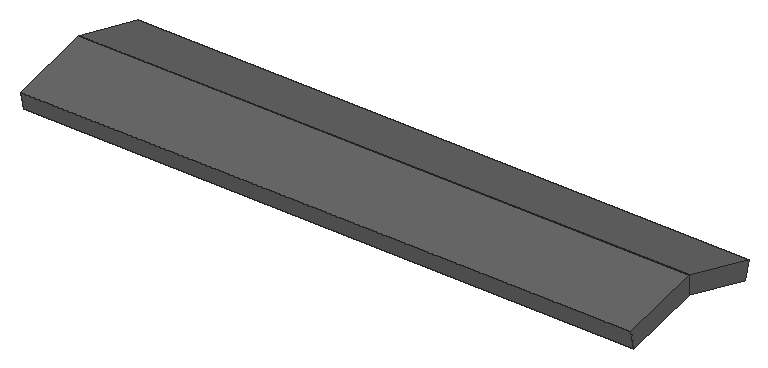
Revit family "NBS_TapcoRoofingProducts_DryFxngRdgs_RidgeMasterPlus", category Generic Models, Revit 2019
Family settings
  Can host rebar = No
  Round Connector Dimension = Use Diameter
  Part Type = Normal
  Cut with Voids When Loaded = No
  Shared = No
  Room Calculation Point = No
Parameters (values of type "RidgeMasterPlus")
  WarrantyStartDate [instance] = "1900-12-31T23:59:59"
  WarrantyGuarantorParts = "n/a"
  WarrantyGuarantorLabor = "n/a"
  WarrantyDurationUnit = "year"
  WarrantyDurationParts = "n/a"
  WarrantyDurationLabor = "n/a"
  WarrantyDescription = "40-years"
  Version = "1"  # constant formula
  Uniclass2015Version = "Products v1.20"
  Uniclass2015Title = "Dry fixing ridges"
  Uniclass2015Code = "Pr_35_90_93_29"
  ThermalTransmittance = 0
  TagNumber [instance] = "n/a"
  SustainabilityPerformance = "n/a"
  SurfaceSpreadOfFlame = "n/a"
  Status = "UNSET"
  Size = "1219 x 270 x 35 mm"
  Shape = "n/a"
  SerialNumber [instance] = "n/a"
  RidgeMaterial = NBS_TapcoRoofingProducts_Polypropylene_Black
  RidgeAngle [instance] = 14.00°
  Revision = "n/a"
  ReplacementCost = "n/a"
  Reference = "n/a"
  ProductInformation = "https://www.tapcoroofingproducts.com/product/ridgemaster/"
  PitchRange = "14° - 45°"
  NominalWidth = 270 mm
  NominalLength = 1219 mm
  NominalHeight = 35 mm
  Name = "DryFixingRidges_RidgeMasterPlus_TapcoRoofingProducts"
  NBSReference = "45-80-90/376"
  NBSDescription = "Dry fixing ridges"
  NBSCertification = "www.nationalbimlibrary.com/cert/gkjmcfqb"
  ModelReference = "RidgeMasterPlus"
  ModelNumber = "n/a"
  Material = "Polypropylene (PP) and Rubber"
  ManufacturerURL = "www.tapcoroofingproducts.com"
  ManufacturerName = "Tapco Roofing Products"  # constant formula
  Manufacturer = "international@tapcoint.com"
  built-in parameter 1001306 [instance] = 1220 mm
  IsExternal = yes
  InstallationDate [instance] = "1900-12-31T23:59:59"
  IfcExportType = "ROOFING"  # constant formula
  IfcExportAs = "IfcCoveringType"  # constant formula
  Grade = "n/a"
  FragilityRating = "n/a"
  Form = "n/a"
  FlammabilityRating = "n/a"
  FireRating = "n/a"
  Finish = "n/a"
  Features = "A patented added-pitch design reduces the visibility of the vent opening, patented internal baffle system engineered to keep blowing rain and snow from getting in, internal filter blocks out insects, leaves and other debris, easily adapts to a peak vent or flash vent, nailing supports and structural ribs make the Ridge Master Plus crushproof, self-aligning, interlocking ends make it easy to install correctly, built-in end caps adjust to the roof pitch while the ship-lap design allows for expansion and contraction as temperatures change, can be joined with Hip Master hip ventilation, 10 000 mm²/m ventilation provision to comply with building regulations for both warm and cold roofs"
  ExpectedLife = "50+ years"
  DurationUnit = "year"
  Description = "A dry-fix ridge ventilation system that fits underneath the TapcoSlate Classic Ridge/ Hip system"
  Constituents = "n/a"
  Combustible = yes
  Color = "Black"
  CodePerformance = "n/a"
  Category = "Pr_35_90_93_29:Dry fixing ridges"
  BarCode [instance] = "n/a"
  BIMObjectName = "NBS_TapcoRoofingProducts_DryFixingRidges_RidgeMasterPlus"
  Author = "NBS"  # constant formula
  AssetType = "Fixed"
  AssetIdentifier [instance] = "n/a"
  Applications = "Suitable for use with TapcoSlate Classic Ridge/ Hip system, for roof pitches 14 to 45 degrees"
  AcousticRating = "n/a"
  Accessories = "n/a"
  AccessibilityPerformance = "n/a"
Reference planes
  plane 1 "Center (Front/Back)": y = 0
  plane 2: z = 0
  plane 3 "Left": x = 0
  plane 4 "Right": x = 1220
  plane 5: z = 49.497
Forms (mm)
  Extrusion 1, solid, material "NBS_TapcoRoofingProducts_Polypropylene_Black" <- "RidgeMaterial"
    sketch origin (0, 0, 0) x (0, 1, 0) y (0, 0, 1)
      loop
        line (147.22, 12.792) -> (0, 49.497) -> (0, 13.426) -> (138.752, -21.169) -> (147.22, 12.792)
    from 0 to 1220
  Extrusion 2, solid, material "NBS_TapcoRoofingProducts_Polypropylene_Black" <- "RidgeMaterial"
    sketch origin (0, 0, 0) x (0, 1, 0) y (0, 0, 1)
      loop
        line (0, 49.497) -> (-147.22, 12.792) -> (-138.752, -21.169) -> (0, 13.426) -> (0, 49.497)
    from 0 to 1220
Lines and regions (mm)
  reference lines
    curve 1: line (0, 0, 0) -> (1220, 0, 0)
    curve 2: line (0, 0, 13.426) -> (0, -138.752, -21.169)
    curve 3: line (0, 0, 13.426) -> (0, 138.752, -21.169)
    curve 4: line (0, -138.752, -21.169) -> (0, -147.22, 12.792)
    curve 5: line (0, 138.752, -21.169) -> (0, 147.22, 12.792)
    curve 6: line (0, 147.22, 12.792) -> (0, 0, 49.497)
    curve 7: line (0, 0, 49.497) -> (0, -147.22, 12.792)
Dimensions and locks
  "built-in parameter 1001306": plane 3 "Left" to plane 4 "Right"
  curve 3 to curve 3 = 143 mm
  curve 2 to curve 2 = 143 mm
  locked: plane 5 to plane 2 at 49.497
  locked: curve 5 to curve 5 at 35
  locked: curve 4 to curve 4 at 35
  "RidgeAngle": angle plane 2 to curve 3
  "RidgeAngle": angle curve 2 to plane 2
  locked: curve 4 to curve 2 (angle 90.00°)
  locked: curve 3 to curve 5 (angle 90.00°)
  aligned and locked: plane 4 "Right" to curve 1
  aligned and locked: plane 1 "Center (Front/Back)" to curve 1
  aligned and locked: plane 3 "Left" to curve 1
  aligned and locked: level to plane 2
  aligned and locked: plane 1 "Center (Front/Back)" to curve 2
  aligned and locked: plane 5 to curve 6
  aligned and locked: plane 1 "Center (Front/Back)" to curve 7
  aligned and locked: Extrusion 1 sketch curve to curve 6
  aligned and locked: Extrusion 1 sketch curve to curve 5
  aligned and locked: Extrusion 1 sketch curve to curve 3
  aligned and locked: plane 1 "Center (Front/Back)" to Extrusion 1 sketch curve
  aligned and locked: Extrusion 2 sketch curve to curve 7
  aligned and locked: Extrusion 2 sketch curve to curve 2
  aligned and locked: Extrusion 2 sketch curve to Extrusion 1
  aligned and locked: Extrusion 2 sketch curve to curve 4
  aligned and locked: Extrusion 2 to plane 3 "Left"
  aligned and locked: plane 4 "Right" to Extrusion 2
  aligned and locked: plane 4 "Right" to Extrusion 1
  aligned and locked: Extrusion 1 to plane 3 "Left"
